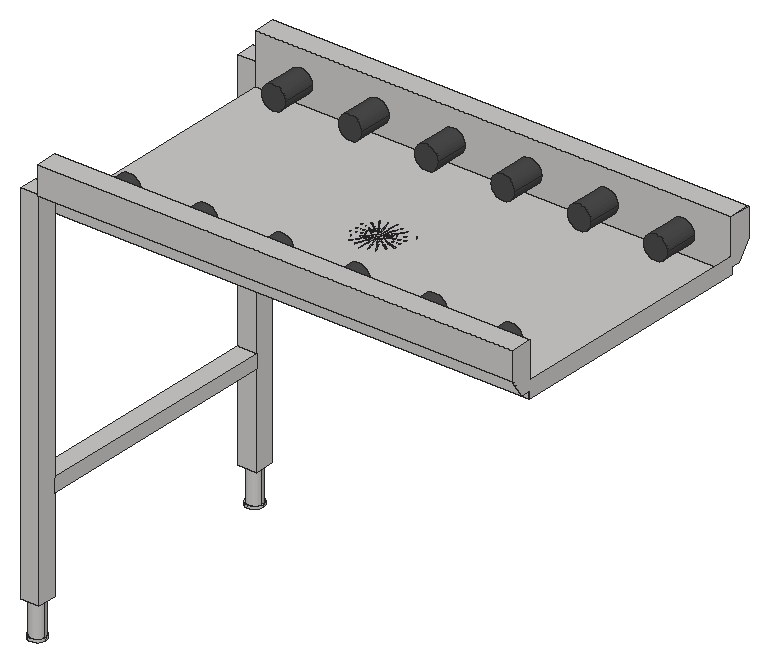
Revit family "QF_ELECTROLUXPROFESSIONAL_863142_HSSRC10", category Specialty Equipment, Revit 2018
Family settings
  Round Connector Dimension = Use Diameter
  Part Type = Normal
  Work Plane-Based = No
  Always vertical = Yes
  Cut with Voids When Loaded = No
  Shared = No
  Room Calculation Point = No
Parameters (values of type "QF_ELECTROLUX_863142_HSSRC10")
  Weight = 14.00 kg
  Watts = 0 W
  Volts = 0 V
  URL Manufacturer = "http://professional.electrolux.com"
  URL = "http://professional.electrolux.com"
  Steam Supply Size = 0 mm
  Steam Supply Minimum Pressure = 0.0 Pa
  Steam Supply Maximum Pressure = 0.0 Pa
  Steam Pounds per Hour = 0
  Refrigeration Suction Line Size = 0 mm
  Refrigeration Liquid Line Size = 0 mm
  Refrigerant Compressor Remote = yes
  Manufacturer = "Electrolux"
  Phase = 0
  Model = "HSSRC10"
  Length Actual = 1000 mm  # constant formula
  Item Number = "863142"
  Hot Water Size = 0 mm
  Height Actual = 910 mm  # constant formula
  HP = "0 HP"
  Gas Size = 0 mm
  Gas KW = 0
  Gas Input Pressure = 0 W
  Description = "CONVEYOR, SHORT ROLLERS, 1000 MM"
  Depth Actual = 620 mm  # constant formula
  Cycle = 0 Hz
  Condensate Return Size = 0 mm
  Compressed Air Volume = 0.0 L/s
  Compressed Air Size = 0 mm
  Compressed Air Pressure = 0.0 Pa
  Cold Water Size = 0 mm
  Accessory = yes
Values of the unnamed type that differ from the named types
  URL Manufacturer = ""
  Item Number = ""
  HP = ""
Reference planes
  plane 1 "Centro (Fronte/Retro)": y = 74.737
  plane 2: z = 0
  plane 3 "LEFT": x = -1038.761
  plane 4 "BACK": y = 384.737
  plane 5 "FRONT": y = -235.263
  plane 6: z = 910
  plane 7 "RIGHT": x = -38.761
  plane 8: x = -568.761
Forms (mm)
  Extrusion 1, solid, material "QF_Finishes_Stainless Steel"
    sketch origin (0, 74.737, 0) x (1, 0, 0) y (0, 0, 1)
      loop
        line (-1079.929, 300) -> (-1079.929, 270) -> (-1039.929, 270) -> (-1039.929, 300) -> (-1079.929, 300)
    from -266.504 to 266.46
  Extrusion 2, solid, material "QF_Finishes_Stainless Steel"
    sketch origin (111.239, 0, 0) x (0, 1, 0) y (0, 0, 1)
      loop
        line (-235.263, 910) -> (-235.263, 850.033) -> (-190.242, 850.033) -> (-190.242, 910) -> (-235.263, 910)
      loop
        line (384.737, 910) -> (339.716, 910) -> (339.716, 850.033) -> (384.737, 850.033) -> (384.737, 910)
    from -1151.168 to -151.2
  Extrusion 3, solid, material "QF_Finishes_Stainless Steel"
    sketch origin (111.239, 0, 0) x (0, 1, 0) y (0, 0, 1)
      loop
        line (-191.727, 850.033) -> (-191.727, 800.081) -> (341.245, 800.081) -> (341.245, 850.033) -> (339.716, 850.033) -> (339.716, 803.081) -> (-190.242, 803.081) -> (-190.242, 850.033) -> (-191.727, 850.033)
    from -1151.168 to -151.2
  Revolve 4, solid, material "QF_Finishes_Stainless Steel"
    sketch origin (-568.761, 0, 0) x (0, 1, 0) y (0, 0, 1)
      loop
        line (74.737, 800.081) -> (12.53, 800.081) -> (12.319, 797.4) -> (12.319, 785.476) -> (17.293, 785.476) -> (17.293, 781.772)
        arc (17.293, 781.772) -> (20.266, 773.808) -> (27.77, 769.813) r 11.998
        line (27.77, 769.813) -> (74.737, 764.085) -> (74.737, 800.081)
      axis (74.737, 764.085) -> (74.737, 800.081)
    angle from 0 to 360
  Revolve 5, solid, material "QF_Finishes_Stainless Steel"
    sketch origin (-538.761, -1524, 744.096) x (0, 0, 1) y (0, -1, 0)
      loop
        line (13.017, -1619.713) -> (30, -1619.713) -> (30, -1598.737) -> (0, -1598.737) -> (0, -1619.713) -> (2.434, -1622.253) -> (10.477, -1622.253) -> (13.017, -1619.713)
      axis (0, -1598.737) -> (30, -1598.737)
    angle from 0 to 360
  Extrusion 6, solid, material "QF_Finishes_Black"
    sketch origin (105, 74.737, 0) x (1, 0, 0) y (0, 0, -1)
      loop
        circle (-1048.137, -850.115) r 25
      loop
        circle (-887.137, -850.115) r 25
      loop
        circle (-726.137, -850.115) r 25
      loop
        circle (-565.137, -850.115) r 25
      loop
        circle (-404.137, -850.115) r 25
      loop
        circle (-243.137, -850.115) r 25
    from 190.58 to 260.534
  Extrusion 7, void
    sketch origin (-570.285, 74.899, -57.5) x (1, 0, 0) y (0, 1, 0)
      loop
        arc (-0.452, 24.162) -> (-1.193, 23.855) -> (-1.5, 23.114) r 1.048
        line (-1.5, 23.114) -> (-1.5, 10.174)
        arc (-1.5, 10.174) -> (-1.204, 9.458) -> (-0.488, 9.162) r 1.012
        line (-0.488, 9.162) -> (0.467, 9.162)
        arc (0.467, 9.162) -> (1.197, 9.465) -> (1.5, 10.196) r 1.033
        line (1.5, 10.196) -> (1.5, 23.164)
        arc (1.5, 23.164) -> (1.208, 23.87) -> (0.502, 24.162) r 0.998
        line (0.502, 24.162) -> (-0.452, 24.162)
      loop
        arc (-1.5, 28.981) -> (-1.204, 28.266) -> (-0.488, 27.97) r 1.012
        line (-0.488, 27.97) -> (0.467, 27.97)
        arc (0.467, 27.97) -> (1.197, 28.272) -> (1.5, 29.003) r 1.033
        line (1.5, 29.003) -> (1.5, 49.094)
        arc (1.5, 49.094) -> (1.208, 49.8) -> (0.502, 50.092) r 0.998
        line (0.502, 50.092) -> (-0.452, 50.092)
        arc (-0.452, 50.092) -> (-1.193, 49.785) -> (-1.5, 49.044) r 1.048
        line (-1.5, 49.044) -> (-1.5, 28.981)
    from 829.129 to 875
  Extrusion 8, void
    sketch origin (-570.285, 74.899, -57.5) x (0.809017, -0.587785, 0) y (0.587785, 0.809017, 0)
      loop
        arc (-0.452, 24.162) -> (-1.193, 23.855) -> (-1.5, 23.114) r 1.048
        line (-1.5, 23.114) -> (-1.5, 10.174)
        arc (-1.5, 10.174) -> (-1.204, 9.458) -> (-0.488, 9.162) r 1.012
        line (-0.488, 9.162) -> (0.467, 9.162)
        arc (0.467, 9.162) -> (1.197, 9.465) -> (1.5, 10.196) r 1.033
        line (1.5, 10.196) -> (1.5, 23.164)
        arc (1.5, 23.164) -> (1.208, 23.87) -> (0.502, 24.162) r 0.998
        line (0.502, 24.162) -> (-0.452, 24.162)
      loop
        arc (-1.5, 28.981) -> (-1.204, 28.266) -> (-0.488, 27.97) r 1.012
        line (-0.488, 27.97) -> (0.467, 27.97)
        arc (0.467, 27.97) -> (1.197, 28.272) -> (1.5, 29.003) r 1.033
        line (1.5, 29.003) -> (1.5, 49.094)
        arc (1.5, 49.094) -> (1.208, 49.8) -> (0.502, 50.092) r 0.998
        line (0.502, 50.092) -> (-0.452, 50.092)
        arc (-0.452, 50.092) -> (-1.193, 49.785) -> (-1.5, 49.044) r 1.048
        line (-1.5, 49.044) -> (-1.5, 28.981)
    from 829.129 to 875
  Extrusion 9, void
    sketch origin (-570.285, 74.899, -57.5) x (0.809017, 0.587785, 0) y (-0.587785, 0.809017, 0)
      loop
        arc (-0.452, 24.162) -> (-1.193, 23.855) -> (-1.5, 23.114) r 1.048
        line (-1.5, 23.114) -> (-1.5, 10.174)
        arc (-1.5, 10.174) -> (-1.204, 9.458) -> (-0.488, 9.162) r 1.012
        line (-0.488, 9.162) -> (0.467, 9.162)
        arc (0.467, 9.162) -> (1.197, 9.465) -> (1.5, 10.196) r 1.033
        line (1.5, 10.196) -> (1.5, 23.164)
        arc (1.5, 23.164) -> (1.208, 23.87) -> (0.502, 24.162) r 0.998
        line (0.502, 24.162) -> (-0.452, 24.162)
      loop
        arc (-1.5, 28.981) -> (-1.204, 28.266) -> (-0.488, 27.97) r 1.012
        line (-0.488, 27.97) -> (0.467, 27.97)
        arc (0.467, 27.97) -> (1.197, 28.272) -> (1.5, 29.003) r 1.033
        line (1.5, 29.003) -> (1.5, 49.094)
        arc (1.5, 49.094) -> (1.208, 49.8) -> (0.502, 50.092) r 0.998
        line (0.502, 50.092) -> (-0.452, 50.092)
        arc (-0.452, 50.092) -> (-1.193, 49.785) -> (-1.5, 49.044) r 1.048
        line (-1.5, 49.044) -> (-1.5, 28.981)
    from 829.129 to 875
  Extrusion 10, void
    sketch origin (-570.285, 74.899, -57.5) x (0.309017, 0.951057, 0) y (-0.951057, 0.309017, 0)
      loop
        arc (-0.452, 24.162) -> (-1.193, 23.855) -> (-1.5, 23.114) r 1.048
        line (-1.5, 23.114) -> (-1.5, 10.174)
        arc (-1.5, 10.174) -> (-1.204, 9.458) -> (-0.488, 9.162) r 1.012
        line (-0.488, 9.162) -> (0.467, 9.162)
        arc (0.467, 9.162) -> (1.197, 9.465) -> (1.5, 10.196) r 1.033
        line (1.5, 10.196) -> (1.5, 23.164)
        arc (1.5, 23.164) -> (1.208, 23.87) -> (0.502, 24.162) r 0.998
        line (0.502, 24.162) -> (-0.452, 24.162)
      loop
        arc (-1.5, 28.981) -> (-1.204, 28.266) -> (-0.488, 27.97) r 1.012
        line (-0.488, 27.97) -> (0.467, 27.97)
        arc (0.467, 27.97) -> (1.197, 28.272) -> (1.5, 29.003) r 1.033
        line (1.5, 29.003) -> (1.5, 49.094)
        arc (1.5, 49.094) -> (1.208, 49.8) -> (0.502, 50.092) r 0.998
        line (0.502, 50.092) -> (-0.452, 50.092)
        arc (-0.452, 50.092) -> (-1.193, 49.785) -> (-1.5, 49.044) r 1.048
        line (-1.5, 49.044) -> (-1.5, 28.981)
    from 829.129 to 875
  Extrusion 11, void
    sketch origin (-570.285, 74.899, -57.5) x (-0.309017, 0.951057, 0) y (-0.951057, -0.309017, 0)
      loop
        arc (-0.452, 24.162) -> (-1.193, 23.855) -> (-1.5, 23.114) r 1.048
        line (-1.5, 23.114) -> (-1.5, 10.174)
        arc (-1.5, 10.174) -> (-1.204, 9.458) -> (-0.488, 9.162) r 1.012
        line (-0.488, 9.162) -> (0.467, 9.162)
        arc (0.467, 9.162) -> (1.197, 9.465) -> (1.5, 10.196) r 1.033
        line (1.5, 10.196) -> (1.5, 23.164)
        arc (1.5, 23.164) -> (1.208, 23.87) -> (0.502, 24.162) r 0.998
        line (0.502, 24.162) -> (-0.452, 24.162)
      loop
        arc (-1.5, 28.981) -> (-1.204, 28.266) -> (-0.488, 27.97) r 1.012
        line (-0.488, 27.97) -> (0.467, 27.97)
        arc (0.467, 27.97) -> (1.197, 28.272) -> (1.5, 29.003) r 1.033
        line (1.5, 29.003) -> (1.5, 49.094)
        arc (1.5, 49.094) -> (1.208, 49.8) -> (0.502, 50.092) r 0.998
        line (0.502, 50.092) -> (-0.452, 50.092)
        arc (-0.452, 50.092) -> (-1.193, 49.785) -> (-1.5, 49.044) r 1.048
        line (-1.5, 49.044) -> (-1.5, 28.981)
    from 829.129 to 875
  Extrusion 12, void
    sketch origin (-570.285, 74.899, -57.5) x (-0.809017, 0.587785, 0) y (-0.587785, -0.809017, 0)
      loop
        arc (-0.452, 24.162) -> (-1.193, 23.855) -> (-1.5, 23.114) r 1.048
        line (-1.5, 23.114) -> (-1.5, 10.174)
        arc (-1.5, 10.174) -> (-1.204, 9.458) -> (-0.488, 9.162) r 1.012
        line (-0.488, 9.162) -> (0.467, 9.162)
        arc (0.467, 9.162) -> (1.197, 9.465) -> (1.5, 10.196) r 1.033
        line (1.5, 10.196) -> (1.5, 23.164)
        arc (1.5, 23.164) -> (1.208, 23.87) -> (0.502, 24.162) r 0.998
        line (0.502, 24.162) -> (-0.452, 24.162)
      loop
        arc (-1.5, 28.981) -> (-1.204, 28.266) -> (-0.488, 27.97) r 1.012
        line (-0.488, 27.97) -> (0.467, 27.97)
        arc (0.467, 27.97) -> (1.197, 28.272) -> (1.5, 29.003) r 1.033
        line (1.5, 29.003) -> (1.5, 49.094)
        arc (1.5, 49.094) -> (1.208, 49.8) -> (0.502, 50.092) r 0.998
        line (0.502, 50.092) -> (-0.452, 50.092)
        arc (-0.452, 50.092) -> (-1.193, 49.785) -> (-1.5, 49.044) r 1.048
        line (-1.5, 49.044) -> (-1.5, 28.981)
    from 829.129 to 875
  Extrusion 13, void
    sketch origin (-570.285, 74.899, -57.5) x (-1, 0, 0) y (0, -1, 0)
      loop
        arc (-0.452, 24.162) -> (-1.193, 23.855) -> (-1.5, 23.114) r 1.048
        line (-1.5, 23.114) -> (-1.5, 10.174)
        arc (-1.5, 10.174) -> (-1.204, 9.458) -> (-0.488, 9.162) r 1.012
        line (-0.488, 9.162) -> (0.467, 9.162)
        arc (0.467, 9.162) -> (1.197, 9.465) -> (1.5, 10.196) r 1.033
        line (1.5, 10.196) -> (1.5, 23.164)
        arc (1.5, 23.164) -> (1.208, 23.87) -> (0.502, 24.162) r 0.998
        line (0.502, 24.162) -> (-0.452, 24.162)
      loop
        arc (-1.5, 28.981) -> (-1.204, 28.266) -> (-0.488, 27.97) r 1.012
        line (-0.488, 27.97) -> (0.467, 27.97)
        arc (0.467, 27.97) -> (1.197, 28.272) -> (1.5, 29.003) r 1.033
        line (1.5, 29.003) -> (1.5, 49.094)
        arc (1.5, 49.094) -> (1.208, 49.8) -> (0.502, 50.092) r 0.998
        line (0.502, 50.092) -> (-0.452, 50.092)
        arc (-0.452, 50.092) -> (-1.193, 49.785) -> (-1.5, 49.044) r 1.048
        line (-1.5, 49.044) -> (-1.5, 28.981)
    from 829.129 to 875
  Extrusion 14, void
    sketch origin (-570.285, 74.899, -57.5) x (-0.809017, -0.587785, 0) y (0.587785, -0.809017, 0)
      loop
        arc (-0.452, 24.162) -> (-1.193, 23.855) -> (-1.5, 23.114) r 1.048
        line (-1.5, 23.114) -> (-1.5, 10.174)
        arc (-1.5, 10.174) -> (-1.204, 9.458) -> (-0.488, 9.162) r 1.012
        line (-0.488, 9.162) -> (0.467, 9.162)
        arc (0.467, 9.162) -> (1.197, 9.465) -> (1.5, 10.196) r 1.033
        line (1.5, 10.196) -> (1.5, 23.164)
        arc (1.5, 23.164) -> (1.208, 23.87) -> (0.502, 24.162) r 0.998
        line (0.502, 24.162) -> (-0.452, 24.162)
      loop
        arc (-1.5, 28.981) -> (-1.204, 28.266) -> (-0.488, 27.97) r 1.012
        line (-0.488, 27.97) -> (0.467, 27.97)
        arc (0.467, 27.97) -> (1.197, 28.272) -> (1.5, 29.003) r 1.033
        line (1.5, 29.003) -> (1.5, 49.094)
        arc (1.5, 49.094) -> (1.208, 49.8) -> (0.502, 50.092) r 0.998
        line (0.502, 50.092) -> (-0.452, 50.092)
        arc (-0.452, 50.092) -> (-1.193, 49.785) -> (-1.5, 49.044) r 1.048
        line (-1.5, 49.044) -> (-1.5, 28.981)
    from 829.129 to 875
  Extrusion 15, void
    sketch origin (-570.285, 74.899, -57.5) x (-0.309017, -0.951057, 0) y (0.951057, -0.309017, 0)
      loop
        arc (-0.452, 24.162) -> (-1.193, 23.855) -> (-1.5, 23.114) r 1.048
        line (-1.5, 23.114) -> (-1.5, 10.174)
        arc (-1.5, 10.174) -> (-1.204, 9.458) -> (-0.488, 9.162) r 1.012
        line (-0.488, 9.162) -> (0.467, 9.162)
        arc (0.467, 9.162) -> (1.197, 9.465) -> (1.5, 10.196) r 1.033
        line (1.5, 10.196) -> (1.5, 23.164)
        arc (1.5, 23.164) -> (1.208, 23.87) -> (0.502, 24.162) r 0.998
        line (0.502, 24.162) -> (-0.452, 24.162)
      loop
        arc (-1.5, 28.981) -> (-1.204, 28.266) -> (-0.488, 27.97) r 1.012
        line (-0.488, 27.97) -> (0.467, 27.97)
        arc (0.467, 27.97) -> (1.197, 28.272) -> (1.5, 29.003) r 1.033
        line (1.5, 29.003) -> (1.5, 49.094)
        arc (1.5, 49.094) -> (1.208, 49.8) -> (0.502, 50.092) r 0.998
        line (0.502, 50.092) -> (-0.452, 50.092)
        arc (-0.452, 50.092) -> (-1.193, 49.785) -> (-1.5, 49.044) r 1.048
        line (-1.5, 49.044) -> (-1.5, 28.981)
    from 829.129 to 875
  Extrusion 16, void
    sketch origin (-570.285, 74.899, -57.5) x (0.309017, -0.951057, 0) y (0.951057, 0.309017, 0)
      loop
        arc (-0.452, 24.162) -> (-1.193, 23.855) -> (-1.5, 23.114) r 1.048
        line (-1.5, 23.114) -> (-1.5, 10.174)
        arc (-1.5, 10.174) -> (-1.204, 9.458) -> (-0.488, 9.162) r 1.012
        line (-0.488, 9.162) -> (0.467, 9.162)
        arc (0.467, 9.162) -> (1.197, 9.465) -> (1.5, 10.196) r 1.033
        line (1.5, 10.196) -> (1.5, 23.164)
        arc (1.5, 23.164) -> (1.208, 23.87) -> (0.502, 24.162) r 0.998
        line (0.502, 24.162) -> (-0.452, 24.162)
      loop
        arc (-1.5, 28.981) -> (-1.204, 28.266) -> (-0.488, 27.97) r 1.012
        line (-0.488, 27.97) -> (0.467, 27.97)
        arc (0.467, 27.97) -> (1.197, 28.272) -> (1.5, 29.003) r 1.033
        line (1.5, 29.003) -> (1.5, 49.094)
        arc (1.5, 49.094) -> (1.208, 49.8) -> (0.502, 50.092) r 0.998
        line (0.502, 50.092) -> (-0.452, 50.092)
        arc (-0.452, 50.092) -> (-1.193, 49.785) -> (-1.5, 49.044) r 1.048
        line (-1.5, 49.044) -> (-1.5, 28.981)
    from 829.129 to 875
  Extrusion 17, void
    sketch origin (-990.285, 74.899, -57.5) x (1, 0, 0) y (0, 1, 0)
      loop
        circle (420, 0) r 5
    from 829.129 to 875
  Extrusion 18, void
    sketch origin (-570.285, 74.899, -57.5) x (1, 0, 0) y (0, 1, 0)
      loop
        arc (-24.168, 1.5) -> (-24.873, 1.208) -> (-25.165, 0.503) r 0.997
        line (-25.165, 0.503) -> (-25.165, -0.487)
        arc (-25.165, -0.487) -> (-24.868, -1.203) -> (-24.152, -1.5) r 1.013
        line (-24.152, -1.5) -> (-14.992, -1.5)
        arc (-14.992, -1.5) -> (-14.284, -1.207) -> (-13.992, -0.5) r 1
        line (-13.992, -0.5) -> (-13.992, 0.465)
        arc (-13.992, 0.465) -> (-14.295, 1.197) -> (-15.027, 1.5) r 1.035
        line (-15.027, 1.5) -> (-24.168, 1.5)
      loop
        arc (-45.428, 1.5) -> (-46.134, 1.208) -> (-46.426, 0.503) r 0.997
        line (-46.426, 0.503) -> (-46.426, -0.487)
        arc (-46.426, -0.487) -> (-46.129, -1.203) -> (-45.412, -1.5) r 1.013
        line (-45.412, -1.5) -> (-30.627, -1.5)
        arc (-30.627, -1.5) -> (-29.92, -1.207) -> (-29.627, -0.5) r 1
        line (-29.627, -0.5) -> (-29.627, 0.465)
        arc (-29.627, 0.465) -> (-29.93, 1.197) -> (-30.662, 1.5) r 1.035
        line (-30.662, 1.5) -> (-45.428, 1.5)
    from 829.129 to 875
  Extrusion 19, void
    sketch origin (-570.285, 74.899, -57.5) x (0.809017, -0.587785, 0) y (0.587785, 0.809017, 0)
      loop
        arc (-24.168, 1.5) -> (-24.873, 1.208) -> (-25.165, 0.503) r 0.997
        line (-25.165, 0.503) -> (-25.165, -0.487)
        arc (-25.165, -0.487) -> (-24.868, -1.203) -> (-24.152, -1.5) r 1.013
        line (-24.152, -1.5) -> (-14.992, -1.5)
        arc (-14.992, -1.5) -> (-14.284, -1.207) -> (-13.992, -0.5) r 1
        line (-13.992, -0.5) -> (-13.992, 0.465)
        arc (-13.992, 0.465) -> (-14.295, 1.197) -> (-15.027, 1.5) r 1.035
        line (-15.027, 1.5) -> (-24.168, 1.5)
      loop
        arc (-45.428, 1.5) -> (-46.134, 1.208) -> (-46.426, 0.503) r 0.997
        line (-46.426, 0.503) -> (-46.426, -0.487)
        arc (-46.426, -0.487) -> (-46.129, -1.203) -> (-45.412, -1.5) r 1.013
        line (-45.412, -1.5) -> (-30.627, -1.5)
        arc (-30.627, -1.5) -> (-29.92, -1.207) -> (-29.627, -0.5) r 1
        line (-29.627, -0.5) -> (-29.627, 0.465)
        arc (-29.627, 0.465) -> (-29.93, 1.197) -> (-30.662, 1.5) r 1.035
        line (-30.662, 1.5) -> (-45.428, 1.5)
    from 829.129 to 875
  Extrusion 20, void
    sketch origin (-570.285, 74.899, -57.5) x (0.809017, 0.587785, 0) y (-0.587785, 0.809017, 0)
      loop
        arc (-24.168, 1.5) -> (-24.873, 1.208) -> (-25.165, 0.503) r 0.997
        line (-25.165, 0.503) -> (-25.165, -0.487)
        arc (-25.165, -0.487) -> (-24.868, -1.203) -> (-24.152, -1.5) r 1.013
        line (-24.152, -1.5) -> (-14.992, -1.5)
        arc (-14.992, -1.5) -> (-14.284, -1.207) -> (-13.992, -0.5) r 1
        line (-13.992, -0.5) -> (-13.992, 0.465)
        arc (-13.992, 0.465) -> (-14.295, 1.197) -> (-15.027, 1.5) r 1.035
        line (-15.027, 1.5) -> (-24.168, 1.5)
      loop
        arc (-45.428, 1.5) -> (-46.134, 1.208) -> (-46.426, 0.503) r 0.997
        line (-46.426, 0.503) -> (-46.426, -0.487)
        arc (-46.426, -0.487) -> (-46.129, -1.203) -> (-45.412, -1.5) r 1.013
        line (-45.412, -1.5) -> (-30.627, -1.5)
        arc (-30.627, -1.5) -> (-29.92, -1.207) -> (-29.627, -0.5) r 1
        line (-29.627, -0.5) -> (-29.627, 0.465)
        arc (-29.627, 0.465) -> (-29.93, 1.197) -> (-30.662, 1.5) r 1.035
        line (-30.662, 1.5) -> (-45.428, 1.5)
    from 829.129 to 875
  Extrusion 21, void
    sketch origin (-570.285, 74.899, -57.5) x (0.309017, 0.951057, 0) y (-0.951057, 0.309017, 0)
      loop
        arc (-24.168, 1.5) -> (-24.873, 1.208) -> (-25.165, 0.503) r 0.997
        line (-25.165, 0.503) -> (-25.165, -0.487)
        arc (-25.165, -0.487) -> (-24.868, -1.203) -> (-24.152, -1.5) r 1.013
        line (-24.152, -1.5) -> (-14.992, -1.5)
        arc (-14.992, -1.5) -> (-14.284, -1.207) -> (-13.992, -0.5) r 1
        line (-13.992, -0.5) -> (-13.992, 0.465)
        arc (-13.992, 0.465) -> (-14.295, 1.197) -> (-15.027, 1.5) r 1.035
        line (-15.027, 1.5) -> (-24.168, 1.5)
      loop
        arc (-45.428, 1.5) -> (-46.134, 1.208) -> (-46.426, 0.503) r 0.997
        line (-46.426, 0.503) -> (-46.426, -0.487)
        arc (-46.426, -0.487) -> (-46.129, -1.203) -> (-45.412, -1.5) r 1.013
        line (-45.412, -1.5) -> (-30.627, -1.5)
        arc (-30.627, -1.5) -> (-29.92, -1.207) -> (-29.627, -0.5) r 1
        line (-29.627, -0.5) -> (-29.627, 0.465)
        arc (-29.627, 0.465) -> (-29.93, 1.197) -> (-30.662, 1.5) r 1.035
        line (-30.662, 1.5) -> (-45.428, 1.5)
    from 829.129 to 875
  Extrusion 22, void
    sketch origin (-570.285, 74.899, -57.5) x (-0.309017, 0.951057, 0) y (-0.951057, -0.309017, 0)
      loop
        arc (-24.168, 1.5) -> (-24.873, 1.208) -> (-25.165, 0.503) r 0.997
        line (-25.165, 0.503) -> (-25.165, -0.487)
        arc (-25.165, -0.487) -> (-24.868, -1.203) -> (-24.152, -1.5) r 1.013
        line (-24.152, -1.5) -> (-14.992, -1.5)
        arc (-14.992, -1.5) -> (-14.284, -1.207) -> (-13.992, -0.5) r 1
        line (-13.992, -0.5) -> (-13.992, 0.465)
        arc (-13.992, 0.465) -> (-14.295, 1.197) -> (-15.027, 1.5) r 1.035
        line (-15.027, 1.5) -> (-24.168, 1.5)
      loop
        arc (-45.428, 1.5) -> (-46.134, 1.208) -> (-46.426, 0.503) r 0.997
        line (-46.426, 0.503) -> (-46.426, -0.487)
        arc (-46.426, -0.487) -> (-46.129, -1.203) -> (-45.412, -1.5) r 1.013
        line (-45.412, -1.5) -> (-30.627, -1.5)
        arc (-30.627, -1.5) -> (-29.92, -1.207) -> (-29.627, -0.5) r 1
        line (-29.627, -0.5) -> (-29.627, 0.465)
        arc (-29.627, 0.465) -> (-29.93, 1.197) -> (-30.662, 1.5) r 1.035
        line (-30.662, 1.5) -> (-45.428, 1.5)
    from 829.129 to 875
  Extrusion 23, void
    sketch origin (-570.285, 74.899, -57.5) x (-0.809017, 0.587785, 0) y (-0.587785, -0.809017, 0)
      loop
        arc (-24.168, 1.5) -> (-24.873, 1.208) -> (-25.165, 0.503) r 0.997
        line (-25.165, 0.503) -> (-25.165, -0.487)
        arc (-25.165, -0.487) -> (-24.868, -1.203) -> (-24.152, -1.5) r 1.013
        line (-24.152, -1.5) -> (-14.992, -1.5)
        arc (-14.992, -1.5) -> (-14.284, -1.207) -> (-13.992, -0.5) r 1
        line (-13.992, -0.5) -> (-13.992, 0.465)
        arc (-13.992, 0.465) -> (-14.295, 1.197) -> (-15.027, 1.5) r 1.035
        line (-15.027, 1.5) -> (-24.168, 1.5)
      loop
        arc (-45.428, 1.5) -> (-46.134, 1.208) -> (-46.426, 0.503) r 0.997
        line (-46.426, 0.503) -> (-46.426, -0.487)
        arc (-46.426, -0.487) -> (-46.129, -1.203) -> (-45.412, -1.5) r 1.013
        line (-45.412, -1.5) -> (-30.627, -1.5)
        arc (-30.627, -1.5) -> (-29.92, -1.207) -> (-29.627, -0.5) r 1
        line (-29.627, -0.5) -> (-29.627, 0.465)
        arc (-29.627, 0.465) -> (-29.93, 1.197) -> (-30.662, 1.5) r 1.035
        line (-30.662, 1.5) -> (-45.428, 1.5)
    from 829.129 to 875
  Extrusion 24, void
    sketch origin (-570.285, 74.899, -57.5) x (-1, 0, 0) y (0, -1, 0)
      loop
        arc (-24.168, 1.5) -> (-24.873, 1.208) -> (-25.165, 0.503) r 0.997
        line (-25.165, 0.503) -> (-25.165, -0.487)
        arc (-25.165, -0.487) -> (-24.868, -1.203) -> (-24.152, -1.5) r 1.013
        line (-24.152, -1.5) -> (-14.992, -1.5)
        arc (-14.992, -1.5) -> (-14.284, -1.207) -> (-13.992, -0.5) r 1
        line (-13.992, -0.5) -> (-13.992, 0.465)
        arc (-13.992, 0.465) -> (-14.295, 1.197) -> (-15.027, 1.5) r 1.035
        line (-15.027, 1.5) -> (-24.168, 1.5)
      loop
        arc (-45.428, 1.5) -> (-46.134, 1.208) -> (-46.426, 0.503) r 0.997
        line (-46.426, 0.503) -> (-46.426, -0.487)
        arc (-46.426, -0.487) -> (-46.129, -1.203) -> (-45.412, -1.5) r 1.013
        line (-45.412, -1.5) -> (-30.627, -1.5)
        arc (-30.627, -1.5) -> (-29.92, -1.207) -> (-29.627, -0.5) r 1
        line (-29.627, -0.5) -> (-29.627, 0.465)
        arc (-29.627, 0.465) -> (-29.93, 1.197) -> (-30.662, 1.5) r 1.035
        line (-30.662, 1.5) -> (-45.428, 1.5)
    from 829.129 to 875
  Extrusion 25, void
    sketch origin (-570.285, 74.899, -57.5) x (-0.809017, -0.587785, 0) y (0.587785, -0.809017, 0)
      loop
        arc (-24.168, 1.5) -> (-24.873, 1.208) -> (-25.165, 0.503) r 0.997
        line (-25.165, 0.503) -> (-25.165, -0.487)
        arc (-25.165, -0.487) -> (-24.868, -1.203) -> (-24.152, -1.5) r 1.013
        line (-24.152, -1.5) -> (-14.992, -1.5)
        arc (-14.992, -1.5) -> (-14.284, -1.207) -> (-13.992, -0.5) r 1
        line (-13.992, -0.5) -> (-13.992, 0.465)
        arc (-13.992, 0.465) -> (-14.295, 1.197) -> (-15.027, 1.5) r 1.035
        line (-15.027, 1.5) -> (-24.168, 1.5)
      loop
        arc (-45.428, 1.5) -> (-46.134, 1.208) -> (-46.426, 0.503) r 0.997
        line (-46.426, 0.503) -> (-46.426, -0.487)
        arc (-46.426, -0.487) -> (-46.129, -1.203) -> (-45.412, -1.5) r 1.013
        line (-45.412, -1.5) -> (-30.627, -1.5)
        arc (-30.627, -1.5) -> (-29.92, -1.207) -> (-29.627, -0.5) r 1
        line (-29.627, -0.5) -> (-29.627, 0.465)
        arc (-29.627, 0.465) -> (-29.93, 1.197) -> (-30.662, 1.5) r 1.035
        line (-30.662, 1.5) -> (-45.428, 1.5)
    from 829.129 to 875
  Extrusion 26, void
    sketch origin (-570.285, 74.899, -57.5) x (-0.309017, -0.951057, 0) y (0.951057, -0.309017, 0)
      loop
        arc (-24.168, 1.5) -> (-24.873, 1.208) -> (-25.165, 0.503) r 0.997
        line (-25.165, 0.503) -> (-25.165, -0.487)
        arc (-25.165, -0.487) -> (-24.868, -1.203) -> (-24.152, -1.5) r 1.013
        line (-24.152, -1.5) -> (-14.992, -1.5)
        arc (-14.992, -1.5) -> (-14.284, -1.207) -> (-13.992, -0.5) r 1
        line (-13.992, -0.5) -> (-13.992, 0.465)
        arc (-13.992, 0.465) -> (-14.295, 1.197) -> (-15.027, 1.5) r 1.035
        line (-15.027, 1.5) -> (-24.168, 1.5)
      loop
        arc (-45.428, 1.5) -> (-46.134, 1.208) -> (-46.426, 0.503) r 0.997
        line (-46.426, 0.503) -> (-46.426, -0.487)
        arc (-46.426, -0.487) -> (-46.129, -1.203) -> (-45.412, -1.5) r 1.013
        line (-45.412, -1.5) -> (-30.627, -1.5)
        arc (-30.627, -1.5) -> (-29.92, -1.207) -> (-29.627, -0.5) r 1
        line (-29.627, -0.5) -> (-29.627, 0.465)
        arc (-29.627, 0.465) -> (-29.93, 1.197) -> (-30.662, 1.5) r 1.035
        line (-30.662, 1.5) -> (-45.428, 1.5)
    from 829.129 to 875
  Extrusion 27, void
    sketch origin (-570.285, 74.899, -57.5) x (0.309017, -0.951057, 0) y (0.951057, 0.309017, 0)
      loop
        arc (-24.168, 1.5) -> (-24.873, 1.208) -> (-25.165, 0.503) r 0.997
        line (-25.165, 0.503) -> (-25.165, -0.487)
        arc (-25.165, -0.487) -> (-24.868, -1.203) -> (-24.152, -1.5) r 1.013
        line (-24.152, -1.5) -> (-14.992, -1.5)
        arc (-14.992, -1.5) -> (-14.284, -1.207) -> (-13.992, -0.5) r 1
        line (-13.992, -0.5) -> (-13.992, 0.465)
        arc (-13.992, 0.465) -> (-14.295, 1.197) -> (-15.027, 1.5) r 1.035
        line (-15.027, 1.5) -> (-24.168, 1.5)
      loop
        arc (-45.428, 1.5) -> (-46.134, 1.208) -> (-46.426, 0.503) r 0.997
        line (-46.426, 0.503) -> (-46.426, -0.487)
        arc (-46.426, -0.487) -> (-46.129, -1.203) -> (-45.412, -1.5) r 1.013
        line (-45.412, -1.5) -> (-30.627, -1.5)
        arc (-30.627, -1.5) -> (-29.92, -1.207) -> (-29.627, -0.5) r 1
        line (-29.627, -0.5) -> (-29.627, 0.465)
        arc (-29.627, 0.465) -> (-29.93, 1.197) -> (-30.662, 1.5) r 1.035
        line (-30.662, 1.5) -> (-45.428, 1.5)
    from 829.129 to 875
  Extrusion 28, solid, material "QF_Finishes_Stainless Steel"
    sketch origin (1461.239, 723.253, 4000) x (0, 1, 0) y (0, 0, 1)
      loop
        line (-958.516, -3090) -> (-958.516, -3149.967) -> (-934.752, -3185.632) -> (-915.4, -3185.632) -> (-915.4, -3199.919) -> (-381.633, -3199.919) -> (-381.633, -3185.632) -> (-362.281, -3185.632) -> (-338.516, -3149.967) -> (-338.516, -3090) -> (-383.538, -3090) -> (-383.538, -3165.411) -> (-913.495, -3165.411) -> (-913.495, -3090) -> (-958.516, -3090)
    from -1500 to -1501.2
  Extrusion 29, solid, material "QF_Finishes_Black"
    sketch origin (105, 74.737, 0) x (1, 0, 0) y (0, 0, 1)
      loop
        circle (-1048.137, 850.115) r 25
      loop
        circle (-887.137, 850.115) r 25
      loop
        circle (-726.137, 850.115) r 25
      loop
        circle (-565.137, 850.115) r 25
      loop
        circle (-404.137, 850.115) r 25
      loop
        circle (-243.137, 850.115) r 25
    from 190.58 to 260.534
Cuts and joins
  Extrusion 7, Extrusion 8, Extrusion 9, Extrusion 10, Extrusion 11, Extrusion 12, Extrusion 13, Extrusion 14, Extrusion 15, Extrusion 16, Extrusion 17, Extrusion 18, Extrusion 19, Extrusion 20, Extrusion 21, Extrusion 22, Extrusion 23, Extrusion 24, Extrusion 25, Extrusion 26, Extrusion 27 cuts Extrusion 3
  joined: Extrusion 2, Extrusion 3, Revolve 4, Revolve 5
Lines and regions (mm)
  symbolic lines
    curve 1: line (-38.761, 384.737, 0) -> (-1038.761, 384.737, 0)
    curve 2: line (-1038.761, 384.737, 0) -> (-1038.761, -235.263, 0)
    curve 3: line (-1038.761, 339.716, 0) -> (-38.761, 339.716, 0)
    curve 4: line (-1038.761, -235.263, 0) -> (-38.761, -235.263, 0)
    curve 5: line (-38.761, -235.263, 0) -> (-38.761, 384.737, 0)
    curve 6: line (-38.761, -190.242, 0) -> (-1038.761, -190.242, 0)
    curve 7: line (-38.761, 74.737, 0) -> (-68.761, 74.737, 0)
    curve 8: line (-1038.761, 74.737, 0) -> (-1008.761, 74.737, 0)
    curve 9: arc (-568.761, 12.319, 0) -> (-631.179, 74.737, 0) -> (-568.761, 137.156, 0) r 62.418
    curve 10: arc (-568.761, 137.156, 0) -> (-506.342, 74.737, 0) -> (-568.761, 12.319, 0) r 62.418
    curve 11: arc (-538.761, 95.713, 0) -> (-559.737, 74.737, 0) -> (-538.761, 53.761, 0) r 20.976
    curve 12: arc (-538.761, 53.761, 0) -> (-517.785, 74.737, 0) -> (-538.761, 95.713, 0) r 20.976
    curve 13: line (-918.137, 265.317, 0) -> (-968.137, 265.317, 0)
    curve 14: line (-968.137, 265.317, 0) -> (-968.137, 335.271, 0)
    curve 15: line (-968.137, 335.271, 0) -> (-918.137, 335.271, 0)
    curve 16: line (-918.137, 335.271, 0) -> (-918.137, 265.317, 0)
    curve 17: line (-806.851, 265.317, 0) -> (-756.851, 265.317, 0)
    curve 18: line (-756.851, 265.317, 0) -> (-756.851, 335.271, 0)
    curve 19: line (-756.851, 335.271, 0) -> (-806.851, 335.271, 0)
    curve 20: line (-806.851, 335.271, 0) -> (-806.851, 265.317, 0)
    curve 21: line (-588.533, 97.463, 0) -> (-600.326, 113.695, 0)
    curve 22: arc (-600.326, 113.695, 0) -> (-600.513, 114.475, 0) -> (-600.094, 115.159, 0) r 1.048
    curve 23: line (-600.094, 115.159, 0) -> (-599.322, 115.719, 0)
    curve 24: arc (-599.322, 115.719, 0) -> (-598.579, 115.898, 0) -> (-597.928, 115.499, 0) r 0.998
    curve 25: line (-597.928, 115.499, 0) -> (-586.119, 99.244, 0)
    curve 26: arc (-586.119, 99.244, 0) -> (-585.934, 98.475, 0) -> (-586.347, 97.801, 0) r 1.033
    curve 27: line (-586.347, 97.801, 0) -> (-587.12, 97.24, 0)
    curve 28: arc (-587.12, 97.24, 0) -> (-587.873, 97.059, 0) -> (-588.533, 97.463, 0) r 1.012
    curve 29: line (-581.176, 103.564, 0) -> (-585.744, 117.625, 0)
    curve 30: arc (-585.744, 117.625, 0) -> (-585.684, 118.398, 0) -> (-585.094, 118.902, 0) r 1.013
    curve 31: line (-585.094, 118.902, 0) -> (-584.153, 119.208, 0)
    curve 32: arc (-584.153, 119.208, 0) -> (-583.392, 119.148, 0) -> (-582.896, 118.567, 0) r 0.997
    curve 33: line (-582.896, 118.567, 0) -> (-578.333, 104.524, 0)
    curve 34: arc (-578.333, 104.524, 0) -> (-578.395, 103.734, 0) -> (-578.998, 103.22, 0) r 1.035
    curve 35: line (-578.998, 103.22, 0) -> (-579.915, 102.921, 0)
    curve 36: arc (-579.915, 102.921, 0) -> (-580.678, 102.982, 0) -> (-581.176, 103.564, 0) r 1
    curve 37: line (-571.785, 103.88, 0) -> (-571.785, 123.943, 0)
    curve 38: arc (-571.785, 123.943, 0) -> (-571.478, 124.684, 0) -> (-570.737, 124.991, 0) r 1.048
    curve 39: line (-570.737, 124.991, 0) -> (-569.783, 124.991, 0)
    curve 40: arc (-569.783, 124.991, 0) -> (-569.077, 124.699, 0) -> (-568.785, 123.993, 0) r 0.998
    curve 41: line (-568.785, 123.993, 0) -> (-568.785, 103.902, 0)
    curve 42: arc (-568.785, 103.902, 0) -> (-569.087, 103.171, 0) -> (-569.818, 102.869, 0) r 1.033
    curve 43: line (-569.818, 102.869, 0) -> (-570.773, 102.869, 0)
    curve 44: arc (-570.773, 102.869, 0) -> (-571.488, 103.165, 0) -> (-571.785, 103.88, 0) r 1.012
    curve 45: line (-562.247, 104.491, 0) -> (-557.678, 118.552, 0)
    curve 46: arc (-557.678, 118.552, 0) -> (-557.174, 119.142, 0) -> (-556.401, 119.203, 0) r 1.013
    curve 47: line (-556.401, 119.203, 0) -> (-555.46, 118.897, 0)
    curve 48: arc (-555.46, 118.897, 0) -> (-554.88, 118.401, 0) -> (-554.82, 117.64, 0) r 0.997
    curve 49: line (-554.82, 117.64, 0) -> (-559.383, 103.597, 0)
    curve 50: arc (-559.383, 103.597, 0) -> (-559.897, 102.995, 0) -> (-560.687, 102.932, 0) r 1.035
    curve 51: line (-560.687, 102.932, 0) -> (-561.605, 103.23, 0)
    curve 52: arc (-561.605, 103.23, 0) -> (-562.187, 103.728, 0) -> (-562.247, 104.491, 0) r 1
    curve 53: line (-554.463, 99.227, 0) -> (-542.671, 115.458, 0)
    curve 54: arc (-542.671, 115.458, 0) -> (-541.987, 115.877, 0) -> (-541.207, 115.69, 0) r 1.048
    curve 55: line (-541.207, 115.69, 0) -> (-540.435, 115.129, 0)
    curve 56: arc (-540.435, 115.129, 0) -> (-540.036, 114.478, 0) -> (-540.214, 113.735, 0) r 0.998
    curve 57: line (-540.214, 113.735, 0) -> (-552.024, 97.481, 0)
    curve 58: arc (-552.024, 97.481, 0) -> (-552.698, 97.068, 0) -> (-553.467, 97.252, 0) r 1.033
    curve 59: line (-553.467, 97.252, 0) -> (-554.24, 97.814, 0)
    curve 60: arc (-554.24, 97.814, 0) -> (-554.644, 98.474, 0) -> (-554.463, 99.227, 0) r 1.012
    curve 61: line (-546.388, 94.115, 0) -> (-534.427, 102.805, 0)
    curve 62: arc (-534.427, 102.805, 0) -> (-533.673, 102.986, 0) -> (-533.011, 102.581, 0) r 1.013
    curve 63: line (-533.011, 102.581, 0) -> (-532.43, 101.781, 0)
    curve 64: arc (-532.43, 101.781, 0) -> (-532.252, 101.038, 0) -> (-532.651, 100.387, 0) r 0.997
    curve 65: line (-532.651, 100.387, 0) -> (-544.597, 91.708, 0)
    curve 66: arc (-544.597, 91.708, 0) -> (-545.367, 91.523, 0) -> (-546.043, 91.937, 0) r 1.035
    curve 67: line (-546.043, 91.937, 0) -> (-546.61, 92.718, 0)
    curve 68: arc (-546.61, 92.718, 0) -> (-546.788, 93.462, 0) -> (-546.388, 94.115, 0) r 1
    curve 69: line (-543.185, 85.281, 0) -> (-524.105, 91.481, 0)
    curve 70: arc (-524.105, 91.481, 0) -> (-523.305, 91.418, 0) -> (-522.784, 90.808, 0) r 1.048
    curve 71: line (-522.784, 90.808, 0) -> (-522.489, 89.901, 0)
    curve 72: arc (-522.489, 89.901, 0) -> (-522.549, 89.139, 0) -> (-523.13, 88.643, 0) r 0.998
    curve 73: line (-523.13, 88.643, 0) -> (-542.238, 82.435, 0)
    curve 74: arc (-542.238, 82.435, 0) -> (-543.026, 82.497, 0) -> (-543.54, 83.098, 0) r 1.033
    curve 75: line (-543.54, 83.098, 0) -> (-543.835, 84.007, 0)
    curve 76: arc (-543.835, 84.007, 0) -> (-543.774, 84.778, 0) -> (-543.185, 85.281, 0) r 1.012
    curve 77: line (-539.658, 76.399, 0) -> (-524.872, 76.399, 0)
    curve 78: arc (-524.872, 76.399, 0) -> (-524.156, 76.102, 0) -> (-523.859, 75.386, 0) r 1.013
    curve 79: line (-523.859, 75.386, 0) -> (-523.859, 74.396, 0)
    curve 80: arc (-523.859, 74.396, 0) -> (-524.151, 73.691, 0) -> (-524.856, 73.399, 0) r 0.997
    curve 81: line (-524.856, 73.399, 0) -> (-539.622, 73.399, 0)
    curve 82: arc (-539.622, 73.399, 0) -> (-540.354, 73.702, 0) -> (-540.658, 74.434, 0) r 1.035
    curve 83: line (-540.658, 74.434, 0) -> (-540.658, 75.399, 0)
    curve 84: arc (-540.658, 75.399, 0) -> (-540.365, 76.106, 0) -> (-539.658, 76.399, 0) r 1
    curve 85: line (-542.258, 67.37, 0) -> (-523.178, 61.17, 0)
    curve 86: arc (-523.178, 61.17, 0) -> (-522.568, 60.649, 0) -> (-522.505, 59.849, 0) r 1.048
    curve 87: line (-522.505, 59.849, 0) -> (-522.799, 58.942, 0)
    curve 88: arc (-522.799, 58.942, 0) -> (-523.295, 58.361, 0) -> (-524.057, 58.301, 0) r 0.998
    curve 89: line (-524.057, 58.301, 0) -> (-543.165, 64.51, 0)
    curve 90: arc (-543.165, 64.51, 0) -> (-543.766, 65.024, 0) -> (-543.828, 65.812, 0) r 1.033
    curve 91: line (-543.828, 65.812, 0) -> (-543.533, 66.72, 0)
    curve 92: arc (-543.533, 66.72, 0) -> (-543.03, 67.309, 0) -> (-542.258, 67.37, 0) r 1.012
    curve 93: line (-544.625, 58.11, 0) -> (-532.664, 49.42, 0)
    curve 94: arc (-532.664, 49.42, 0) -> (-532.258, 48.758, 0) -> (-532.439, 48.004, 0) r 1.013
    curve 95: line (-532.439, 48.004, 0) -> (-533.021, 47.204, 0)
    curve 96: arc (-533.021, 47.204, 0) -> (-533.672, 46.805, 0) -> (-534.414, 46.983, 0) r 0.997
    curve 97: line (-534.414, 46.983, 0) -> (-546.36, 55.662, 0)
    curve 98: arc (-546.36, 55.662, 0) -> (-546.774, 56.338, 0) -> (-546.589, 57.108, 0) r 1.035
    curve 99: line (-546.589, 57.108, 0) -> (-546.022, 57.889, 0)
    curve 100: arc (-546.022, 57.889, 0) -> (-545.369, 58.289, 0) -> (-544.625, 58.11, 0) r 1
    curve 101: line (-552.036, 52.334, 0) -> (-540.244, 36.103, 0)
    curve 102: arc (-540.244, 36.103, 0) -> (-540.057, 35.323, 0) -> (-540.476, 34.639, 0) r 1.048
    curve 103: line (-540.476, 34.639, 0) -> (-541.247, 34.078, 0)
    curve 104: arc (-541.247, 34.078, 0) -> (-541.99, 33.9, 0) -> (-542.641, 34.299, 0) r 0.998
    curve 105: line (-542.641, 34.299, 0) -> (-554.451, 50.553, 0)
    curve 106: arc (-554.451, 50.553, 0) -> (-554.635, 51.322, 0) -> (-554.222, 51.997, 0) r 1.033
    curve 107: line (-554.222, 51.997, 0) -> (-553.449, 52.558, 0)
    curve 108: arc (-553.449, 52.558, 0) -> (-552.697, 52.739, 0) -> (-552.036, 52.334, 0) r 1.012
    curve 109: line (-559.394, 46.234, 0) -> (-554.825, 32.173, 0)
    curve 110: arc (-554.825, 32.173, 0) -> (-554.886, 31.399, 0) -> (-555.476, 30.896, 0) r 1.013
    curve 111: line (-555.476, 30.896, 0) -> (-556.416, 30.59, 0)
    curve 112: arc (-556.416, 30.59, 0) -> (-557.177, 30.65, 0) -> (-557.673, 31.23, 0) r 0.997
    curve 113: line (-557.673, 31.23, 0) -> (-562.236, 45.274, 0)
    curve 114: arc (-562.236, 45.274, 0) -> (-562.174, 46.064, 0) -> (-561.571, 46.578, 0) r 1.035
    curve 115: line (-561.571, 46.578, 0) -> (-560.654, 46.876, 0)
    curve 116: arc (-560.654, 46.876, 0) -> (-559.891, 46.816, 0) -> (-559.394, 46.234, 0) r 1
    curve 117: line (-568.785, 45.918, 0) -> (-568.785, 25.855, 0)
    curve 118: arc (-568.785, 25.855, 0) -> (-569.092, 25.114, 0) -> (-569.833, 24.807, 0) r 1.048
    curve 119: line (-569.833, 24.807, 0) -> (-570.787, 24.807, 0)
    curve 120: arc (-570.787, 24.807, 0) -> (-571.492, 25.099, 0) -> (-571.785, 25.805, 0) r 0.998
    curve 121: line (-571.785, 25.805, 0) -> (-571.785, 45.896, 0)
    curve 122: arc (-571.785, 45.896, 0) -> (-571.482, 46.627, 0) -> (-570.751, 46.929, 0) r 1.033
    curve 123: line (-570.751, 46.929, 0) -> (-569.796, 46.929, 0)
    curve 124: arc (-569.796, 46.929, 0) -> (-569.081, 46.633, 0) -> (-568.785, 45.918, 0) r 1.012
    curve 125: line (-578.322, 45.307, 0) -> (-582.891, 31.246, 0)
    curve 126: arc (-582.891, 31.246, 0) -> (-583.395, 30.656, 0) -> (-584.168, 30.595, 0) r 1.013
    curve 127: line (-584.168, 30.595, 0) -> (-585.109, 30.901, 0)
    curve 128: arc (-585.109, 30.901, 0) -> (-585.69, 31.396, 0) -> (-585.749, 32.157, 0) r 0.997
    curve 129: line (-585.749, 32.157, 0) -> (-581.186, 46.201, 0)
    curve 130: arc (-581.186, 46.201, 0) -> (-580.672, 46.803, 0) -> (-579.882, 46.865, 0) r 1.035
    curve 131: line (-579.882, 46.865, 0) -> (-578.964, 46.567, 0)
    curve 132: arc (-578.964, 46.567, 0) -> (-578.382, 46.07, 0) -> (-578.322, 45.307, 0) r 1
    curve 133: line (-586.106, 50.571, 0) -> (-597.898, 34.34, 0)
    curve 134: arc (-597.898, 34.34, 0) -> (-598.582, 33.921, 0) -> (-599.362, 34.108, 0) r 1.048
    curve 135: line (-599.362, 34.108, 0) -> (-600.134, 34.669, 0)
    curve 136: arc (-600.134, 34.669, 0) -> (-600.533, 35.32, 0) -> (-600.355, 36.063, 0) r 0.998
    curve 137: line (-600.355, 36.063, 0) -> (-588.546, 52.317, 0)
    curve 138: arc (-588.546, 52.317, 0) -> (-587.871, 52.73, 0) -> (-587.102, 52.545, 0) r 1.033
    curve 139: line (-587.102, 52.545, 0) -> (-586.33, 51.984, 0)
    curve 140: arc (-586.33, 51.984, 0) -> (-585.925, 51.324, 0) -> (-586.106, 50.571, 0) r 1.012
    curve 141: line (-594.181, 55.683, 0) -> (-606.142, 46.993, 0)
    curve 142: arc (-606.142, 46.993, 0) -> (-606.897, 46.812, 0) -> (-607.558, 47.217, 0) r 1.013
    curve 143: line (-607.558, 47.217, 0) -> (-608.139, 48.017, 0)
    curve 144: arc (-608.139, 48.017, 0) -> (-608.318, 48.759, 0) -> (-607.919, 49.41, 0) r 0.997
    curve 145: line (-607.919, 49.41, 0) -> (-595.973, 58.09, 0)
    curve 146: arc (-595.973, 58.09, 0) -> (-595.202, 58.274, 0) -> (-594.527, 57.86, 0) r 1.035
    curve 147: line (-594.527, 57.86, 0) -> (-593.96, 57.08, 0)
    curve 148: arc (-593.96, 57.08, 0) -> (-593.781, 56.336, 0) -> (-594.181, 55.683, 0) r 1
    curve 149: line (-597.384, 64.517, 0) -> (-616.465, 58.317, 0)
    curve 150: arc (-616.465, 58.317, 0) -> (-617.264, 58.38, 0) -> (-617.785, 58.99, 0) r 1.048
    curve 151: line (-617.785, 58.99, 0) -> (-618.08, 59.897, 0)
    curve 152: arc (-618.08, 59.897, 0) -> (-618.02, 60.658, 0) -> (-617.44, 61.155, 0) r 0.998
    curve 153: line (-617.44, 61.155, 0) -> (-598.332, 67.363, 0)
    curve 154: arc (-598.332, 67.363, 0) -> (-597.543, 67.301, 0) -> (-597.03, 66.7, 0) r 1.033
    curve 155: line (-597.03, 66.7, 0) -> (-596.734, 65.791, 0)
    curve 156: arc (-596.734, 65.791, 0) -> (-596.795, 65.019, 0) -> (-597.384, 64.517, 0) r 1.012
    curve 157: line (-600.912, 73.399, 0) -> (-615.697, 73.399, 0)
    curve 158: arc (-615.697, 73.399, 0) -> (-616.414, 73.696, 0) -> (-616.71, 74.412, 0) r 1.013
    curve 159: line (-616.71, 74.412, 0) -> (-616.71, 75.402, 0)
    curve 160: arc (-616.71, 75.402, 0) -> (-616.418, 76.107, 0) -> (-615.713, 76.399, 0) r 0.997
    curve 161: line (-615.713, 76.399, 0) -> (-600.947, 76.399, 0)
    curve 162: arc (-600.947, 76.399, 0) -> (-600.215, 76.096, 0) -> (-599.912, 75.364, 0) r 1.035
    curve 163: line (-599.912, 75.364, 0) -> (-599.912, 74.399, 0)
    curve 164: arc (-599.912, 74.399, 0) -> (-600.205, 73.692, 0) -> (-600.912, 73.399, 0) r 1
    curve 165: line (-598.311, 82.428, 0) -> (-617.392, 88.628, 0)
    curve 166: arc (-617.392, 88.628, 0) -> (-618.002, 89.149, 0) -> (-618.065, 89.948, 0) r 1.048
    curve 167: line (-618.065, 89.948, 0) -> (-617.77, 90.856, 0)
    curve 168: arc (-617.77, 90.856, 0) -> (-617.274, 91.436, 0) -> (-616.512, 91.496, 0) r 0.998
    curve 169: line (-616.512, 91.496, 0) -> (-597.405, 85.288, 0)
    curve 170: arc (-597.405, 85.288, 0) -> (-596.803, 84.774, 0) -> (-596.741, 83.986, 0) r 1.033
    curve 171: line (-596.741, 83.986, 0) -> (-597.036, 83.077, 0)
    curve 172: arc (-597.036, 83.077, 0) -> (-597.539, 82.489, 0) -> (-598.311, 82.428, 0) r 1.012
    curve 173: line (-595.944, 91.688, 0) -> (-607.906, 100.378, 0)
    curve 174: arc (-607.906, 100.378, 0) -> (-608.311, 101.039, 0) -> (-608.13, 101.794, 0) r 1.013
    curve 175: line (-608.13, 101.794, 0) -> (-607.548, 102.594, 0)
    curve 176: arc (-607.548, 102.594, 0) -> (-606.898, 102.993, 0) -> (-606.155, 102.815, 0) r 0.997
    curve 177: line (-606.155, 102.815, 0) -> (-594.209, 94.135, 0)
    curve 178: arc (-594.209, 94.135, 0) -> (-593.795, 93.46, 0) -> (-593.98, 92.689, 0) r 1.035
    curve 179: line (-593.98, 92.689, 0) -> (-594.547, 91.909, 0)
    curve 180: arc (-594.547, 91.909, 0) -> (-595.2, 91.509, 0) -> (-595.944, 91.688, 0) r 1
    curve 181: arc (-565.285, 74.899, 0) -> (-570.285, 79.899, 0) -> (-575.285, 74.899, 0) r 5
    curve 182: arc (-575.285, 74.899, 0) -> (-570.285, 69.899, 0) -> (-565.285, 74.899, 0) r 5
    curve 183: line (-568.785, 98.063, 0) -> (-568.785, 85.094, 0)
    curve 184: arc (-568.785, 85.094, 0) -> (-569.087, 84.364, 0) -> (-569.818, 84.061, 0) r 1.033
    curve 185: line (-569.818, 84.061, 0) -> (-570.773, 84.061, 0)
    curve 186: arc (-570.773, 84.061, 0) -> (-571.488, 84.357, 0) -> (-571.785, 85.073, 0) r 1.012
    curve 187: line (-571.785, 85.073, 0) -> (-571.785, 98.013, 0)
    curve 188: arc (-571.785, 98.013, 0) -> (-571.478, 98.754, 0) -> (-570.737, 99.061, 0) r 1.048
    curve 189: line (-570.737, 99.061, 0) -> (-569.783, 99.061, 0)
    curve 190: arc (-569.783, 99.061, 0) -> (-569.077, 98.769, 0) -> (-568.785, 98.063, 0) r 0.998
    curve 191: line (-561.39, 97.42, 0) -> (-564.215, 88.727, 0)
    curve 192: arc (-564.215, 88.727, 0) -> (-564.729, 88.124, 0) -> (-565.519, 88.062, 0) r 1.035
    curve 193: line (-565.519, 88.062, 0) -> (-566.437, 88.36, 0)
    curve 194: arc (-566.437, 88.36, 0) -> (-567.019, 88.857, 0) -> (-567.079, 89.62, 0) r 1
    curve 195: line (-567.079, 89.62, 0) -> (-564.248, 98.332, 0)
    curve 196: arc (-564.248, 98.332, 0) -> (-563.744, 98.922, 0) -> (-562.971, 98.983, 0) r 1.013
    curve 197: line (-562.971, 98.983, 0) -> (-562.03, 98.677, 0)
    curve 198: arc (-562.03, 98.677, 0) -> (-561.45, 98.181, 0) -> (-561.39, 97.42, 0) r 0.997
    curve 199: line (-555.456, 92.758, 0) -> (-563.078, 82.266, 0)
    curve 200: arc (-563.078, 82.266, 0) -> (-563.753, 81.852, 0) -> (-564.522, 82.037, 0) r 1.033
    curve 201: line (-564.522, 82.037, 0) -> (-565.294, 82.598, 0)
    curve 202: arc (-565.294, 82.598, 0) -> (-565.699, 83.258, 0) -> (-565.518, 84.011, 0) r 1.012
    curve 203: line (-565.518, 84.011, 0) -> (-557.912, 94.48, 0)
    curve 204: arc (-557.912, 94.48, 0) -> (-557.228, 94.899, 0) -> (-556.448, 94.712, 0) r 1.048
    curve 205: line (-556.448, 94.712, 0) -> (-555.676, 94.151, 0)
    curve 206: arc (-555.676, 94.151, 0) -> (-555.277, 93.5, 0) -> (-555.456, 92.758, 0) r 0.998
    curve 207: line (-549.851, 87.891, 0) -> (-557.246, 82.518, 0)
    curve 208: arc (-557.246, 82.518, 0) -> (-558.016, 82.333, 0) -> (-558.692, 82.747, 0) r 1.035
    curve 209: line (-558.692, 82.747, 0) -> (-559.259, 83.527, 0)
    curve 210: arc (-559.259, 83.527, 0) -> (-559.438, 84.272, 0) -> (-559.038, 84.924, 0) r 1
    curve 211: line (-559.038, 84.924, 0) -> (-551.627, 90.308, 0)
    curve 212: arc (-551.627, 90.308, 0) -> (-550.873, 90.49, 0) -> (-550.212, 90.084, 0) r 1.013
    curve 213: line (-550.212, 90.084, 0) -> (-549.63, 89.284, 0)
    curve 214: arc (-549.63, 89.284, 0) -> (-549.452, 88.542, 0) -> (-549.851, 87.891, 0) r 0.997
    curve 215: line (-547.791, 80.63, 0) -> (-560.125, 76.623, 0)
    curve 216: arc (-560.125, 76.623, 0) -> (-560.913, 76.685, 0) -> (-561.427, 77.286, 0) r 1.033
    curve 217: line (-561.427, 77.286, 0) -> (-561.722, 78.195, 0)
    curve 218: arc (-561.722, 78.195, 0) -> (-561.661, 78.967, 0) -> (-561.072, 79.469, 0) r 1.012
    curve 219: line (-561.072, 79.469, 0) -> (-548.765, 83.468, 0)
    curve 220: arc (-548.765, 83.468, 0) -> (-547.966, 83.405, 0) -> (-547.445, 82.795, 0) r 1.048
    curve 221: line (-547.445, 82.795, 0) -> (-547.15, 81.888, 0)
    curve 222: arc (-547.15, 81.888, 0) -> (-547.21, 81.126, 0) -> (-547.791, 80.63, 0) r 0.998
    curve 223: line (-546.117, 73.399, 0) -> (-555.258, 73.399, 0)
    curve 224: arc (-555.258, 73.399, 0) -> (-555.99, 73.702, 0) -> (-556.293, 74.434, 0) r 1.035
    curve 225: line (-556.293, 74.434, 0) -> (-556.293, 75.399, 0)
    curve 226: arc (-556.293, 75.399, 0) -> (-556, 76.106, 0) -> (-555.293, 76.399, 0) r 1
    curve 227: line (-555.293, 76.399, 0) -> (-546.133, 76.399, 0)
    curve 228: arc (-546.133, 76.399, 0) -> (-545.416, 76.102, 0) -> (-545.119, 75.386, 0) r 1.013
    curve 229: line (-545.119, 75.386, 0) -> (-545.119, 74.396, 0)
    curve 230: arc (-545.119, 74.396, 0) -> (-545.412, 73.691, 0) -> (-546.117, 73.399, 0) r 0.997
    curve 231: line (-548.718, 66.314, 0) -> (-561.052, 70.322, 0)
    curve 232: arc (-561.052, 70.322, 0) -> (-561.653, 70.835, 0) -> (-561.715, 71.624, 0) r 1.033
    curve 233: line (-561.715, 71.624, 0) -> (-561.42, 72.532, 0)
    curve 234: arc (-561.42, 72.532, 0) -> (-560.917, 73.121, 0) -> (-560.145, 73.182, 0) r 1.012
    curve 235: line (-560.145, 73.182, 0) -> (-547.838, 69.183, 0)
    curve 236: arc (-547.838, 69.183, 0) -> (-547.228, 68.662, 0) -> (-547.165, 67.862, 0) r 1.048
    curve 237: line (-547.165, 67.862, 0) -> (-547.46, 66.955, 0)
    curve 238: arc (-547.46, 66.955, 0) -> (-547.956, 66.374, 0) -> (-548.718, 66.314, 0) r 0.998
    curve 239: line (-551.614, 59.48, 0) -> (-559.009, 64.853, 0)
    curve 240: arc (-559.009, 64.853, 0) -> (-559.423, 65.528, 0) -> (-559.238, 66.299, 0) r 1.035
    curve 241: line (-559.238, 66.299, 0) -> (-558.671, 67.079, 0)
    curve 242: arc (-558.671, 67.079, 0) -> (-558.019, 67.479, 0) -> (-557.275, 67.301, 0) r 1
    curve 243: line (-557.275, 67.301, 0) -> (-549.864, 61.916, 0)
    curve 244: arc (-549.864, 61.916, 0) -> (-549.459, 61.255, 0) -> (-549.64, 60.501, 0) r 1.013
    curve 245: line (-549.64, 60.501, 0) -> (-550.221, 59.701, 0)
    curve 246: arc (-550.221, 59.701, 0) -> (-550.872, 59.302, 0) -> (-551.614, 59.48, 0) r 0.997
    curve 247: line (-557.883, 55.277, 0) -> (-565.505, 65.769, 0)
    curve 248: arc (-565.505, 65.769, 0) -> (-565.69, 66.538, 0) -> (-565.277, 67.212, 0) r 1.033
    curve 249: line (-565.277, 67.212, 0) -> (-564.504, 67.774, 0)
    curve 250: arc (-564.504, 67.774, 0) -> (-563.751, 67.954, 0) -> (-563.091, 67.55, 0) r 1.012
    curve 251: line (-563.091, 67.55, 0) -> (-555.485, 57.081, 0)
    curve 252: arc (-555.485, 57.081, 0) -> (-555.298, 56.301, 0) -> (-555.717, 55.617, 0) r 1.048
    curve 253: line (-555.717, 55.617, 0) -> (-556.489, 55.056, 0)
    curve 254: arc (-556.489, 55.056, 0) -> (-557.231, 54.878, 0) -> (-557.883, 55.277, 0) r 0.998
    curve 255: line (-564.243, 51.45, 0) -> (-567.068, 60.144, 0)
    curve 256: arc (-567.068, 60.144, 0) -> (-567.006, 60.934, 0) -> (-566.403, 61.448, 0) r 1.035
    curve 257: line (-566.403, 61.448, 0) -> (-565.486, 61.747, 0)
    curve 258: arc (-565.486, 61.747, 0) -> (-564.722, 61.687, 0) -> (-564.225, 61.105, 0) r 1
    curve 259: line (-564.225, 61.105, 0) -> (-561.395, 52.393, 0)
    curve 260: arc (-561.395, 52.393, 0) -> (-561.456, 51.619, 0) -> (-562.045, 51.116, 0) r 1.013
    curve 261: line (-562.045, 51.116, 0) -> (-562.986, 50.81, 0)
    curve 262: arc (-562.986, 50.81, 0) -> (-563.747, 50.87, 0) -> (-564.243, 51.45, 0) r 0.997
    curve 263: line (-571.785, 51.735, 0) -> (-571.785, 64.703, 0)
    curve 264: arc (-571.785, 64.703, 0) -> (-571.482, 65.434, 0) -> (-570.751, 65.737, 0) r 1.033
    curve 265: line (-570.751, 65.737, 0) -> (-569.796, 65.737, 0)
    curve 266: arc (-569.796, 65.737, 0) -> (-569.081, 65.44, 0) -> (-568.785, 64.725, 0) r 1.012
    curve 267: line (-568.785, 64.725, 0) -> (-568.785, 51.785, 0)
    curve 268: arc (-568.785, 51.785, 0) -> (-569.092, 51.044, 0) -> (-569.833, 50.737, 0) r 1.048
    curve 269: line (-569.833, 50.737, 0) -> (-570.787, 50.737, 0)
    curve 270: arc (-570.787, 50.737, 0) -> (-571.492, 51.029, 0) -> (-571.785, 51.735, 0) r 0.998
    curve 271: line (-579.18, 52.377, 0) -> (-576.355, 61.071, 0)
    curve 272: arc (-576.355, 61.071, 0) -> (-575.84, 61.674, 0) -> (-575.05, 61.736, 0) r 1.035
    curve 273: line (-575.05, 61.736, 0) -> (-574.133, 61.438, 0)
    curve 274: arc (-574.133, 61.438, 0) -> (-573.551, 60.941, 0) -> (-573.491, 60.178, 0) r 1
    curve 275: line (-573.491, 60.178, 0) -> (-576.321, 51.466, 0)
    curve 276: arc (-576.321, 51.466, 0) -> (-576.825, 50.876, 0) -> (-577.598, 50.815, 0) r 1.013
    curve 277: line (-577.598, 50.815, 0) -> (-578.539, 51.121, 0)
    curve 278: arc (-578.539, 51.121, 0) -> (-579.12, 51.616, 0) -> (-579.18, 52.377, 0) r 0.997
    curve 279: line (-585.114, 57.04, 0) -> (-577.491, 67.532, 0)
    curve 280: arc (-577.491, 67.532, 0) -> (-576.817, 67.945, 0) -> (-576.048, 67.761, 0) r 1.033
    curve 281: line (-576.048, 67.761, 0) -> (-575.275, 67.199, 0)
    curve 282: arc (-575.275, 67.199, 0) -> (-574.87, 66.539, 0) -> (-575.051, 65.786, 0) r 1.012
    curve 283: line (-575.051, 65.786, 0) -> (-582.657, 55.317, 0)
    curve 284: arc (-582.657, 55.317, 0) -> (-583.341, 54.898, 0) -> (-584.121, 55.086, 0) r 1.048
    curve 285: line (-584.121, 55.086, 0) -> (-584.893, 55.646, 0)
    curve 286: arc (-584.893, 55.646, 0) -> (-585.292, 56.298, 0) -> (-585.114, 57.04, 0) r 0.998
    curve 287: line (-590.719, 61.907, 0) -> (-583.323, 67.28, 0)
    curve 288: arc (-583.323, 67.28, 0) -> (-582.553, 67.465, 0) -> (-581.877, 67.051, 0) r 1.035
    curve 289: line (-581.877, 67.051, 0) -> (-581.31, 66.27, 0)
    curve 290: arc (-581.31, 66.27, 0) -> (-581.132, 65.526, 0) -> (-581.531, 64.874, 0) r 1
    curve 291: line (-581.531, 64.874, 0) -> (-588.942, 59.489, 0)
    curve 292: arc (-588.942, 59.489, 0) -> (-589.696, 59.308, 0) -> (-590.358, 59.713, 0) r 1.013
    curve 293: line (-590.358, 59.713, 0) -> (-590.939, 60.514, 0)
    curve 294: arc (-590.939, 60.514, 0) -> (-591.117, 61.256, 0) -> (-590.719, 61.907, 0) r 0.997
    curve 295: line (-592.779, 69.167, 0) -> (-580.445, 73.175, 0)
    curve 296: arc (-580.445, 73.175, 0) -> (-579.656, 73.113, 0) -> (-579.143, 72.511, 0) r 1.033
